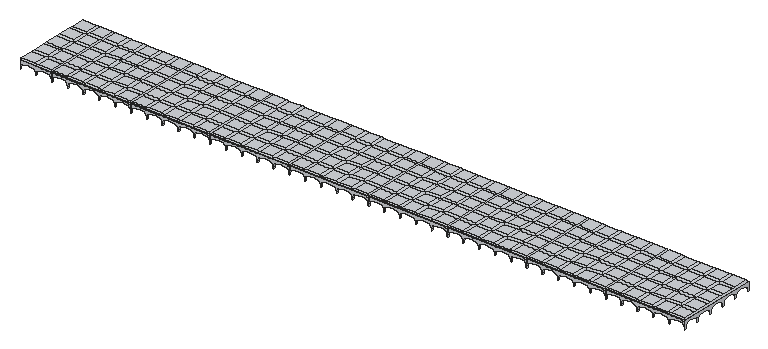
Revit family "LineaSingola_Assieme Modulblock H6", category Modelli generici, Revit 2016
Family settings
  Tipo di parte = Normale
  Può ospitare armatura = No
  Quota connettore circolare = Usa diametro
  Basato su piano di lavoro = No
  Sempre verticale = Sì
  Taglio con vuoti quando caricato = No
  Condiviso = Sì
  Punto di calcolo locali = No
Parameters (values of type "MODULO H6")
  Visibilità_taglio_oriz [instance] = if(Da_tagliare_larghezza = L_modulo, 1 > 2, 1 < 2)  # yes
  Scritta_MODULO [instance] = yes
  Prof_solo_moduli [instance] = 4000 mm
  N_moduli_Larghezza [instance] = rounddown(Larghezza_Area / L_modulo)  # 8
  Mezzo_modulo [instance] = L_modulo / 2  # 250 mm
  Mezza_larghezza [instance] = Larghezza_Area / 2  # 2100 mm
  Larghezza_Area [instance] = 4200 mm
  L_solo_moduli [instance] = L_modulo * N_moduli_Larghezza  # 4000 mm
  L_modulo = 500 mm  # constant formula
  Da_tagliare_larghezza [instance] = L_modulo - (Larghezza_Area - L_solo_moduli)  # 300 mm
Reference planes
  plane 1 "Centro (Fronte/Retro)": y = 0
  plane 2: z = 0
  plane 3 "Centro (Sinistra/Destra)": x = 0
  plane 4: y = -1900
  plane 5: x = -1900
  plane 6: y = 250
  plane 7: x = 2100
  plane 8: x = 1850
  plane 9: x = 1600
  plane 10: x = 1350
  plane 11: x = -2100
  plane 12: y = -250
Dimensions and locks
  "L_solo_moduli": plane 5 to plane 7
  "Mezzo_modulo": plane 8 to plane 7
  "L_modulo": plane 9 to plane 7
  "L_modulo": plane 10 to plane 8
  "Mezza_larghezza": plane 3 "Centro (Sinistra/Destra)" to plane 7
  "Larghezza_Area": plane 11 to plane 7
  equal spacing: plane 6, plane 1 "Centro (Fronte/Retro)", plane 12
  "L_modulo": plane 6 to plane 12
  equal spacing: group 10, group 9, group 8, group 7, group 6, group 5, group 4, group 3
  equal spacing: group 3, group 4, group 5, group 6, group 7, group 8, group 9, group 10  (x2)
  aligned and locked: level to plane 2
  aligned and locked: nested 1 to plane 8
  aligned and locked: plane 1 "Centro (Fronte/Retro)" to nested 1
  aligned and locked: plane 1 "Centro (Fronte/Retro)" to nested 4
  aligned and locked: nested 4 to plane 10
  aligned and locked: nested 11 to plane 1 "Centro (Fronte/Retro)"
  aligned and locked: plane 5 to nested 11
Nested families
  nested 1: "Minimodulo_H6" at (1850, 0, 0), Scritta_MODULO <- "Scritta_MODULO", type "Minimodulo_H3"
    with Ultimo_modulo_profondita no, Ultimo_modulo_larghezza no, Taglio_profondita 0 mm, Taglio_larghezza 0 mm, Scritta_MODULO yes, Scanso_prof_4 0 mm, Scanso_prof_3 0 mm, Scanso_prof_2 0 mm, Scanso_prof_1 0 mm, Scanso_largh_4 0 mm, Scanso_largh_3 0 mm, Scanso_largh_2 0 mm, Scanso_largh_1 0 mm, L_simbolo_profondita 500 mm, L_simbolo_larghezza 500 mm, Finale no, Da_tagliare_profondita 150 mm, Da_tagliare_larghezza 260 mm, Classico yes
  nested 2: "Minimodulo_H6" at (-1750, -1750, 0), type "Minimodulo_H3", not visible
    with Ultimo_modulo_profondita no, Ultimo_modulo_larghezza no, Taglio_profondita 0 mm, Taglio_larghezza 0 mm, Scritta_MODULO no, Scanso_prof_4 0 mm, Scanso_prof_3 0 mm, Scanso_prof_2 0 mm, Scanso_prof_1 0 mm, Scanso_largh_4 0 mm, Scanso_largh_3 0 mm, Scanso_largh_2 0 mm, Scanso_largh_1 0 mm, L_simbolo_profondita 500 mm, L_simbolo_larghezza 500 mm, Finale yes, Da_tagliare_profondita 150 mm, Da_tagliare_larghezza 260 mm, Classico no
  nested 3: "Minimodulo_H6" at (1850, 1850, 0), type "Minimodulo_H3", not visible
    with Ultimo_modulo_profondita no, Ultimo_modulo_larghezza no, Taglio_profondita 0 mm, Taglio_larghezza 0 mm, Scritta_MODULO no, Scanso_prof_4 0 mm, Scanso_prof_3 0 mm, Scanso_prof_2 0 mm, Scanso_prof_1 0 mm, Scanso_largh_4 0 mm, Scanso_largh_3 0 mm, Scanso_largh_2 0 mm, Scanso_largh_1 0 mm, L_simbolo_profondita 500 mm, L_simbolo_larghezza 500 mm, Finale yes, Da_tagliare_profondita 150 mm, Da_tagliare_larghezza 260 mm, Classico no
  nested 4: "Minimodulo_H6" at (1350, 0, 0), Scritta_MODULO <- "Scritta_MODULO", type "Minimodulo_H3"
    with Ultimo_modulo_profondita no, Ultimo_modulo_larghezza no, Taglio_profondita 0 mm, Taglio_larghezza 0 mm, Scritta_MODULO yes, Scanso_prof_4 0 mm, Scanso_prof_3 0 mm, Scanso_prof_2 0 mm, Scanso_prof_1 0 mm, Scanso_largh_4 0 mm, Scanso_largh_3 0 mm, Scanso_largh_2 0 mm, Scanso_largh_1 0 mm, L_simbolo_profondita 500 mm, L_simbolo_larghezza 500 mm, Finale no, Da_tagliare_profondita 150 mm, Da_tagliare_larghezza 260 mm, Classico yes
  nested 5: "Minimodulo_H6" at (850, 0, 0), Scritta_MODULO <- "Scritta_MODULO", type "Minimodulo_H3"
    with Ultimo_modulo_profondita no, Ultimo_modulo_larghezza no, Taglio_profondita 0 mm, Taglio_larghezza 0 mm, Scritta_MODULO yes, Scanso_prof_4 0 mm, Scanso_prof_3 0 mm, Scanso_prof_2 0 mm, Scanso_prof_1 0 mm, Scanso_largh_4 0 mm, Scanso_largh_3 0 mm, Scanso_largh_2 0 mm, Scanso_largh_1 0 mm, L_simbolo_profondita 500 mm, L_simbolo_larghezza 500 mm, Finale no, Da_tagliare_profondita 150 mm, Da_tagliare_larghezza 260 mm, Classico yes
  nested 6: "Minimodulo_H6" at (350, 0, 0), Scritta_MODULO <- "Scritta_MODULO", type "Minimodulo_H3"
    with Ultimo_modulo_profondita no, Ultimo_modulo_larghezza no, Taglio_profondita 0 mm, Taglio_larghezza 0 mm, Scritta_MODULO yes, Scanso_prof_4 0 mm, Scanso_prof_3 0 mm, Scanso_prof_2 0 mm, Scanso_prof_1 0 mm, Scanso_largh_4 0 mm, Scanso_largh_3 0 mm, Scanso_largh_2 0 mm, Scanso_largh_1 0 mm, L_simbolo_profondita 500 mm, L_simbolo_larghezza 500 mm, Finale no, Da_tagliare_profondita 150 mm, Da_tagliare_larghezza 260 mm, Classico yes
  nested 7: "Minimodulo_H6" at (-150, 0, 0), Scritta_MODULO <- "Scritta_MODULO", type "Minimodulo_H3"
    with Ultimo_modulo_profondita no, Ultimo_modulo_larghezza no, Taglio_profondita 0 mm, Taglio_larghezza 0 mm, Scritta_MODULO yes, Scanso_prof_4 0 mm, Scanso_prof_3 0 mm, Scanso_prof_2 0 mm, Scanso_prof_1 0 mm, Scanso_largh_4 0 mm, Scanso_largh_3 0 mm, Scanso_largh_2 0 mm, Scanso_largh_1 0 mm, L_simbolo_profondita 500 mm, L_simbolo_larghezza 500 mm, Finale no, Da_tagliare_profondita 150 mm, Da_tagliare_larghezza 260 mm, Classico yes
  nested 8: "Minimodulo_H6" at (-650, 0, 0), Scritta_MODULO <- "Scritta_MODULO", type "Minimodulo_H3"
    with Ultimo_modulo_profondita no, Ultimo_modulo_larghezza no, Taglio_profondita 0 mm, Taglio_larghezza 0 mm, Scritta_MODULO yes, Scanso_prof_4 0 mm, Scanso_prof_3 0 mm, Scanso_prof_2 0 mm, Scanso_prof_1 0 mm, Scanso_largh_4 0 mm, Scanso_largh_3 0 mm, Scanso_largh_2 0 mm, Scanso_largh_1 0 mm, L_simbolo_profondita 500 mm, L_simbolo_larghezza 500 mm, Finale no, Da_tagliare_profondita 150 mm, Da_tagliare_larghezza 260 mm, Classico yes
  nested 9: "Minimodulo_H6" at (-1150, 0, 0), Scritta_MODULO <- "Scritta_MODULO", type "Minimodulo_H3"
    with Ultimo_modulo_profondita no, Ultimo_modulo_larghezza no, Taglio_profondita 0 mm, Taglio_larghezza 0 mm, Scritta_MODULO yes, Scanso_prof_4 0 mm, Scanso_prof_3 0 mm, Scanso_prof_2 0 mm, Scanso_prof_1 0 mm, Scanso_largh_4 0 mm, Scanso_largh_3 0 mm, Scanso_largh_2 0 mm, Scanso_largh_1 0 mm, L_simbolo_profondita 500 mm, L_simbolo_larghezza 500 mm, Finale no, Da_tagliare_profondita 150 mm, Da_tagliare_larghezza 260 mm, Classico yes
  nested 10: "Minimodulo_H6" at (-1650, 0, 0), Scritta_MODULO <- "Scritta_MODULO", type "Minimodulo_H3"
    with Ultimo_modulo_profondita no, Ultimo_modulo_larghezza no, Taglio_profondita 0 mm, Taglio_larghezza 0 mm, Scritta_MODULO yes, Scanso_prof_4 0 mm, Scanso_prof_3 0 mm, Scanso_prof_2 0 mm, Scanso_prof_1 0 mm, Scanso_largh_4 0 mm, Scanso_largh_3 0 mm, Scanso_largh_2 0 mm, Scanso_largh_1 0 mm, L_simbolo_profondita 500 mm, L_simbolo_larghezza 500 mm, Finale no, Da_tagliare_profondita 150 mm, Da_tagliare_larghezza 260 mm, Classico yes
  nested 11: "Minimodulo_H6" at (-2150, 0, 0), Da_tagliare_larghezza <- "Da_tagliare_larghezza", type "Minimodulo_H3"
    with Ultimo_modulo_profondita no, Ultimo_modulo_larghezza yes, Taglio_profondita 0 mm, Taglio_larghezza 300 mm, Scritta_MODULO no, Scanso_prof_4 0 mm, Scanso_prof_3 0 mm, Scanso_prof_2 0 mm, Scanso_prof_1 0 mm, Scanso_largh_4 0 mm, Scanso_largh_3 100 mm, Scanso_largh_2 0 mm, Scanso_largh_1 0 mm, L_simbolo_profondita 500 mm, L_simbolo_larghezza 200 mm, Finale yes, Da_tagliare_profondita 150 mm, Da_tagliare_larghezza 300 mm, Classico no
Definition of nested family "Minimodulo_H6"
  Parameters (values of type "Minimodulo_H6")
    Ultimo_modulo_profondita [instance] = no
    Ultimo_modulo_larghezza [instance] = no
    Taglio_profondita [instance] = if(and(Ultimo_modulo_profondita, Da_tagliare_profondita < L_modulo), Da_tagliare_profondita, 0 mm)  # 0 mm
    Taglio_larghezza [instance] = if(and(Ultimo_modulo_larghezza, Da_tagliare_larghezza < L_modulo), Da_tagliare_larghezza, 0 mm)  # 0 mm
    Scritta_MODULO [instance] = no
    Scanso_prof_4 [instance] = if(Taglio_profondita = 400 mm, 100 mm, 0 mm)  # 0 mm
    Scanso_prof_3 [instance] = if(Taglio_profondita = 300 mm, 100 mm, 0 mm)  # 0 mm
    Scanso_prof_2 [instance] = if(Taglio_profondita = 200 mm, 100 mm, 0 mm)  # 0 mm
    Scanso_prof_1 [instance] = if(Taglio_profondita = 100 mm, 100 mm, 0 mm)  # 0 mm
    Scanso_largh_4 [instance] = if(Taglio_larghezza = 400 mm, 100 mm, 0 mm)  # 0 mm
    Scanso_largh_3 [instance] = if(Taglio_larghezza = 300 mm, 100 mm, 0 mm)  # 0 mm
    Scanso_largh_2 [instance] = if(Taglio_larghezza = 200 mm, 100 mm, 0 mm)  # 0 mm
    Scanso_largh_1 [instance] = if(Taglio_larghezza = 100 mm, 100 mm, 0 mm)  # 0 mm
    Peso = 0.95 kg
    L_simbolo_profondita [instance] = L_modulo - Taglio_profondita  # 500 mm
    L_simbolo_larghezza [instance] = L_modulo - Taglio_larghezza  # 500 mm
    L_modulo = 500 mm  # constant formula
    L2_imballo = 102 mm
    L1_imballo = 120 mm
    H_modulo = 60 mm  # constant formula
    H_imballo = 220 mm
    Finale [instance] = not(Classico)  # yes
    Descrizione_listino = ""
    Da_tagliare_profondita [instance] = 200 mm
    Da_tagliare_larghezza [instance] = 200 mm
    Consumo_CLS = 0.009 m³
    Codice = "EMODULO5006"  # constant formula
    Classico [instance] = if(or(Ultimo_modulo_larghezza, Ultimo_modulo_profondita, not(Scritta_MODULO)), 1 > 2, 1 < 2)  # no
  Reference planes
    plane 1 "Centro (Fronte/Retro)": y = 0
    plane 2: z = 0
    plane 3 "Centro (Sinistra/Destra)": x = 0
    plane 4: x = -250
    plane 5: x = 250
    plane 6: y = 250
    plane 7: y = -250
    plane 8: z = 60
    plane 9: x = -150
    plane 10: x = -50
    plane 11: x = 50
    plane 12: x = 150
    plane 13: y = 50
    plane 14: y = 150
    plane 15: y = -50
    plane 16: y = -150
    plane 17: x = -200
    plane 18: x = -100
    plane 19: x = 100
    plane 20: x = 200
    plane 21: y = 200
    plane 22: y = 100
    plane 23: y = -100
    plane 24: y = -200
    plane 25: x = -750
    plane 26: x = -250
    plane 27: y = -250
    plane 28: y = -750
    plane 29: z = 60
    plane 30: z = 60
    plane 31: z = 60
    plane 32: z = 60
    plane 33: z = 60
    plane 34: z = 60
    plane 35: z = 60
    plane 36: z = 60
  Forms (mm)
    Extrusion 1, solid, detail levels medium+fine
      sketch origin (0, 0, 0) x (1, 0, 0) y (0, 1, 0)
        loop
          line (-250, 250) -> (-250, -250) -> (250, -250) -> (250, 250) -> (-250, 250)
      from 0 to 60
    Sweep 2, void
      path origin (0, 0, 0) x (1, 0, 0) y (0, 1, 0)
        loop
          line (-250, 250) -> (-250, -250) -> (250, -250) -> (250, 250) -> (-250, 250)
      profile origin (0, 250, 0) x (0, 1, 0) y (0, 0, 1)
        loop
          line (0, 50) -> (0, 60) -> (-7.5, 60) -> (-3.078, 51.833)
          arc (-3.078, 51.833) -> (-1.791, 50.493) -> (0, 50) r 3.5
    Extrusion 3, void
      sketch origin (-28.333, 0, 0) x (1, 0, 0) y (0, 0, 1)
        loop
          arc (-133.667, 60) -> (-121.667, 57) -> (-109.667, 60) r 25.5
          line (-109.667, 60) -> (-133.667, 60)
      from -250 to 250
    Extrusion 4, void
      sketch origin (0, 0, 0) x (1, 0, 0) y (0, 0, 1)
        loop
          line (-247, 0) -> (-153, 0) -> (-153, 12)
          arc (-153, 12) -> (-156.251, 23.236) -> (-165, 31) r 21.042
          arc (-165, 31) -> (-200, 36) -> (-235, 31) r 125
          arc (-235, 31) -> (-243.749, 23.236) -> (-247, 12) r 21.042
          line (-247, 12) -> (-247, 0)
      from -250 to 250
    Extrusion 5, void
      sketch origin (71.667, 0, 0) x (1, 0, 0) y (0, 0, 1)
        loop
          arc (-133.667, 60) -> (-121.667, 57) -> (-109.667, 60) r 25.5
          line (-109.667, 60) -> (-133.667, 60)
      from -250 to 250
    Extrusion 6, void
      sketch origin (171.667, 0, 0) x (1, 0, 0) y (0, 0, 1)
        loop
          arc (-133.667, 60) -> (-121.667, 57) -> (-109.667, 60) r 25.5
          line (-109.667, 60) -> (-133.667, 60)
      from -250 to 250
    Extrusion 7, void
      sketch origin (271.667, 0, 0) x (1, 0, 0) y (0, 0, 1)
        loop
          arc (-133.667, 60) -> (-121.667, 57) -> (-109.667, 60) r 25.5
          line (-109.667, 60) -> (-133.667, 60)
      from -250 to 250
    Extrusion 8, void
      sketch origin (162.233, -271.667, 0) x (0, -1, 0) y (0, 0, 1)
        loop
          arc (-133.667, 60) -> (-121.667, 57) -> (-109.667, 60) r 25.5
          line (-109.667, 60) -> (-133.667, 60)
      from -87.767 to 412.233
    Extrusion 9, void
      sketch origin (162.233, -171.667, 0) x (0, -1, 0) y (0, 0, 1)
        loop
          arc (-133.667, 60) -> (-121.667, 57) -> (-109.667, 60) r 25.5
          line (-109.667, 60) -> (-133.667, 60)
      from -87.767 to 412.233
    Extrusion 10, void
      sketch origin (162.233, -71.667, 0) x (0, -1, 0) y (0, 0, 1)
        loop
          arc (-133.667, 60) -> (-121.667, 57) -> (-109.667, 60) r 25.5
          line (-109.667, 60) -> (-133.667, 60)
      from -87.767 to 412.233
    Extrusion 11, void
      sketch origin (162.233, 28.333, 0) x (0, -1, 0) y (0, 0, 1)
        loop
          arc (-133.667, 60) -> (-121.667, 57) -> (-109.667, 60) r 25.5
          line (-109.667, 60) -> (-133.667, 60)
      from -87.767 to 412.233
    Extrusion 12, void
      sketch origin (100, 0, 0) x (1, 0, 0) y (0, 0, 1)
        loop
          line (-247, 0) -> (-153, 0) -> (-153, 12)
          arc (-153, 12) -> (-156.251, 23.236) -> (-165, 31) r 21.042
          arc (-165, 31) -> (-200, 36) -> (-235, 31) r 125
          arc (-235, 31) -> (-243.749, 23.236) -> (-247, 12) r 21.042
          line (-247, 12) -> (-247, 0)
      from -250 to 250
    Extrusion 13, void
      sketch origin (200, 0, 0) x (1, 0, 0) y (0, 0, 1)
        loop
          line (-247, 0) -> (-153, 0) -> (-153, 12)
          arc (-153, 12) -> (-156.251, 23.236) -> (-165, 31) r 21.042
          arc (-165, 31) -> (-200, 36) -> (-235, 31) r 125
          arc (-235, 31) -> (-243.749, 23.236) -> (-247, 12) r 21.042
          line (-247, 12) -> (-247, 0)
      from -250 to 250
    Extrusion 14, void
      sketch origin (300, 0, 0) x (1, 0, 0) y (0, 0, 1)
        loop
          line (-247, 0) -> (-153, 0) -> (-153, 12)
          arc (-153, 12) -> (-156.251, 23.236) -> (-165, 31) r 21.042
          arc (-165, 31) -> (-200, 36) -> (-235, 31) r 125
          arc (-235, 31) -> (-243.749, 23.236) -> (-247, 12) r 21.042
          line (-247, 12) -> (-247, 0)
      from -250 to 250
    Extrusion 15, void
      sketch origin (400, 0, 0) x (1, 0, 0) y (0, 0, 1)
        loop
          line (-247, 0) -> (-153, 0) -> (-153, 12)
          arc (-153, 12) -> (-156.251, 23.236) -> (-165, 31) r 21.042
          arc (-165, 31) -> (-200, 36) -> (-235, 31) r 125
          arc (-235, 31) -> (-243.749, 23.236) -> (-247, 12) r 21.042
          line (-247, 12) -> (-247, 0)
      from -250 to 250
    Extrusion 16, void
      sketch origin (340, 0, 0) x (0, -1, 0) y (0, 0, 1)
        loop
          line (-247, 0) -> (-153, 0) -> (-153, 12)
          arc (-153, 12) -> (-156.251, 23.236) -> (-165, 31) r 21.042
          arc (-165, 31) -> (-200, 36) -> (-235, 31) r 125
          arc (-235, 31) -> (-243.749, 23.236) -> (-247, 12) r 21.042
          line (-247, 12) -> (-247, 0)
      from 90 to 590
    Extrusion 17, void
      sketch origin (340, -100, 0) x (0, -1, 0) y (0, 0, 1)
        loop
          line (-247, 0) -> (-153, 0) -> (-153, 12)
          arc (-153, 12) -> (-156.251, 23.236) -> (-165, 31) r 21.042
          arc (-165, 31) -> (-200, 36) -> (-235, 31) r 125
          arc (-235, 31) -> (-243.749, 23.236) -> (-247, 12) r 21.042
          line (-247, 12) -> (-247, 0)
      from 90 to 590
    Extrusion 18, void
      sketch origin (340, -200, 0) x (0, -1, 0) y (0, 0, 1)
        loop
          line (-247, 0) -> (-153, 0) -> (-153, 12)
          arc (-153, 12) -> (-156.251, 23.236) -> (-165, 31) r 21.042
          arc (-165, 31) -> (-200, 36) -> (-235, 31) r 125
          arc (-235, 31) -> (-243.749, 23.236) -> (-247, 12) r 21.042
          line (-247, 12) -> (-247, 0)
      from 90 to 590
    Extrusion 19, void
      sketch origin (340, -300, 0) x (0, -1, 0) y (0, 0, 1)
        loop
          line (-247, 0) -> (-153, 0) -> (-153, 12)
          arc (-153, 12) -> (-156.251, 23.236) -> (-165, 31) r 21.042
          arc (-165, 31) -> (-200, 36) -> (-235, 31) r 125
          arc (-235, 31) -> (-243.749, 23.236) -> (-247, 12) r 21.042
          line (-247, 12) -> (-247, 0)
      from 90 to 590
    Extrusion 20, void
      sketch origin (340, -400, 0) x (0, -1, 0) y (0, 0, 1)
        loop
          line (-247, 0) -> (-153, 0) -> (-153, 12)
          arc (-153, 12) -> (-156.251, 23.236) -> (-165, 31) r 21.042
          arc (-165, 31) -> (-200, 36) -> (-235, 31) r 125
          arc (-235, 31) -> (-243.749, 23.236) -> (-247, 12) r 21.042
          line (-247, 12) -> (-247, 0)
      from 90 to 590
    Extrusion 21, void
      sketch origin (0, 0, 0) x (1, 0, 0) y (0, 1, 0)
        loop
          line (-250, -250) -> (-250, -750) -> (250, -750) -> (250, -250) -> (-250, -250)
      from 0 to 60
    Extrusion 22, void
      sketch origin (0, 0, 0) x (1, 0, 0) y (0, 1, 0)
        loop
          line (-750, 250) -> (-750, -250) -> (-250, -250) -> (-250, 250) -> (-750, 250)
      from 0 to 60
    Extrusion 23, void, not visible
      sketch origin (-28.333, 0, 7.5) x (1, 0, 0) y (0, 0, 1)
        loop
          arc (-133.667, 60) -> (-121.667, 57) -> (-109.667, 60) r 25.5
          line (-109.667, 60) -> (-133.667, 60)
      from -250 to 250
    Extrusion 24, void, not visible
      sketch origin (71.667, 0, 8.75) x (1, 0, 0) y (0, 0, 1)
        loop
          arc (-133.667, 60) -> (-121.667, 57) -> (-109.667, 60) r 25.5
          line (-109.667, 60) -> (-133.667, 60)
      from -250 to 250
    Extrusion 25, void, not visible
      sketch origin (171.667, 0, 0) x (1, 0, 0) y (0, 0, 1)
        loop
          arc (-133.667, 60) -> (-121.667, 57) -> (-109.667, 60) r 25.5
          line (-109.667, 60) -> (-133.667, 60)
      from -250 to 250
    Extrusion 26, void, not visible
      sketch origin (271.667, 0, 0) x (1, 0, 0) y (0, 0, 1)
        loop
          arc (-133.667, 60) -> (-121.667, 57) -> (-109.667, 60) r 25.5
          line (-109.667, 60) -> (-133.667, 60)
      from -250 to 250
    Extrusion 27, void, not visible
      sketch origin (162.233, -271.667, 0) x (0, -1, 0) y (0, 0, 1)
        loop
          arc (-133.667, 60) -> (-121.667, 57) -> (-109.667, 60) r 25.5
          line (-109.667, 60) -> (-133.667, 60)
      from -87.767 to 412.233
    Extrusion 28, void, not visible
      sketch origin (162.233, -171.667, 0) x (0, -1, 0) y (0, 0, 1)
        loop
          arc (-133.667, 60) -> (-121.667, 57) -> (-109.667, 60) r 25.5
          line (-109.667, 60) -> (-133.667, 60)
      from -87.767 to 412.233
    Extrusion 29, void, not visible
      sketch origin (162.233, -71.667, 0) x (0, -1, 0) y (0, 0, 1)
        loop
          arc (-133.667, 60) -> (-121.667, 57) -> (-109.667, 60) r 25.5
          line (-109.667, 60) -> (-133.667, 60)
      from -87.767 to 412.233
    Extrusion 30, void, not visible
      sketch origin (162.233, 28.333, 0) x (0, -1, 0) y (0, 0, 1)
        loop
          arc (-133.667, 60) -> (-121.667, 57) -> (-109.667, 60) r 25.5
          line (-109.667, 60) -> (-133.667, 60)
      from -87.767 to 412.233
    Extrusion 31, solid, detail levels coarse
      sketch origin (0, 0, 0) x (1, 0, 0) y (0, 1, 0)
        loop
          line (-250, 250) -> (-250, -250) -> (250, -250) -> (250, 250) -> (-250, 250)
      from 0 to 60
  Cuts and joins
    Sweep 2, Extrusion 3, Extrusion 4, Extrusion 5, Extrusion 6, Extrusion 7, Extrusion 8, Extrusion 9, Extrusion 10, Extrusion 11, Extrusion 12, Extrusion 13, Extrusion 14, Extrusion 15, Extrusion 16, Extrusion 17, Extrusion 18, Extrusion 19, Extrusion 20, Extrusion 21, Extrusion 22 cuts Extrusion 1
    Extrusion 21, Extrusion 22 cuts Extrusion 31
  Dimensions and locks
    equal spacing: plane 6, plane 1 "Centro (Fronte/Retro)", plane 7
    equal spacing: plane 4, plane 3 "Centro (Sinistra/Destra)", plane 5
    "L_modulo": plane 4 to plane 5
    "L_modulo": plane 6 to plane 7
    "H_modulo": plane 8 to level
    equal spacing: plane 4, plane 9, plane 10, plane 11, plane 12, plane 5
    equal spacing: plane 6, plane 14, plane 13, plane 15, plane 16, plane 7
    equal spacing: plane 6, plane 21, plane 14
    equal spacing: plane 14, plane 22, plane 13
    equal spacing: plane 13, plane 1 "Centro (Fronte/Retro)", plane 15
    equal spacing: plane 15, plane 23, plane 16
    equal spacing: plane 16, plane 24, plane 7
    equal spacing: plane 4, plane 17, plane 9
    equal spacing: plane 9, plane 18, plane 10
    equal spacing: plane 10, plane 3 "Centro (Sinistra/Destra)", plane 11
    equal spacing: plane 11, plane 19, plane 12
    equal spacing: plane 12, plane 20, plane 5
    "L_modulo": plane 27 to plane 28
    "L_modulo": plane 25 to plane 26
    "Taglio_larghezza": plane 4 to plane 26
    "Taglio_profondita": plane 27 to plane 7
    "Scanso_largh_1": plane 29 to plane 8
    "Scanso_largh_2": plane 30 to plane 8
    "Scanso_largh_3": plane 31 to plane 8
    "Scanso_largh_4": plane 32 to plane 8
    "Scanso_prof_1": plane 33 to plane 32
    "Scanso_prof_2": plane 34 to plane 32
    "Scanso_prof_3": plane 35 to plane 32
    "Scanso_prof_4": plane 36 to plane 32
    aligned and locked: level to plane 2
    aligned and locked: Extrusion 1 sketch curve to plane 6
    aligned and locked: plane 4 to Extrusion 1 sketch curve
    aligned and locked: plane 7 to Extrusion 1 sketch curve
    aligned and locked: Extrusion 1 sketch curve to plane 5
    aligned and locked: plane 8 to Extrusion 1
    aligned and locked: Extrusion 1 to level
    aligned and locked: Sweep 2 sketch curve to plane 6
    aligned and locked: Sweep 2 sketch curve to plane 5
    aligned and locked: plane 7 to Sweep 2 sketch curve
    aligned and locked: plane 4 to Sweep 2 sketch curve
    aligned and locked: Sweep 2 sketch curve to plane 8
    aligned and locked: plane 6 to Sweep 2 sketch curve
    aligned and locked: Extrusion 4 to plane 7
    aligned and locked: plane 6 to Extrusion 4
    aligned and locked: Extrusion 8 to plane 4
    aligned and locked: plane 5 to Extrusion 8
    aligned and locked: Extrusion 21 to plane 28
    aligned and locked: plane 27 to Extrusion 21
    aligned and locked: plane 5 to Extrusion 21
    aligned and locked: Extrusion 21 to plane 4
    aligned and locked: Extrusion 21 to level
    aligned and locked: plane 8 to Extrusion 21
    aligned and locked: Extrusion 22 sketch curve to plane 6
    aligned and locked: plane 7 to Extrusion 22 sketch curve
    aligned and locked: plane 26 to Extrusion 22
    aligned and locked: Extrusion 22 to plane 25
    aligned and locked: Extrusion 22 to level
    aligned and locked: plane 29 to Extrusion 3
    aligned and locked: plane 30 to Extrusion 5
    aligned and locked: plane 31 to Extrusion 6
    aligned and locked: Extrusion 7 to plane 32
    aligned and locked: plane 33 to Extrusion 8
    aligned and locked: plane 34 to Extrusion 9
    aligned and locked: plane 35 to Extrusion 10
    aligned and locked: plane 36 to Extrusion 11
    aligned and locked: plane 36 to Extrusion 22
    aligned and locked: plane 3 "Centro (Sinistra/Destra)" to nested 2
    aligned and locked: plane 1 "Centro (Fronte/Retro)" to nested 2
    aligned and locked: nested 3 to plane 6
    aligned and locked: nested 3 to plane 5
    aligned and locked: plane 3 "Centro (Sinistra/Destra)" to nested 1
    aligned and locked: nested 1 to plane 16
    aligned and locked: Extrusion 31 to level
    aligned and locked: plane 32 to Extrusion 31
    aligned and locked: Extrusion 31 to plane 4
    aligned and locked: plane 5 to Extrusion 31
    aligned and locked: Extrusion 31 to plane 7
    aligned and locked: plane 6 to Extrusion 31
    aligned and locked: plane 3 "Centro (Sinistra/Destra)" to nested 4
    aligned and locked: plane 1 "Centro (Fronte/Retro)" to nested 4
    aligned and locked: plane 3 "Centro (Sinistra/Destra)" to nested 6
    aligned and locked: plane 3 "Centro (Sinistra/Destra)" to nested 5
    aligned and locked: nested 5 to level
    aligned and locked: nested 6 to plane 36
    aligned and locked: nested 8 to plane 1 "Centro (Fronte/Retro)"
    aligned and locked: nested 7 to plane 1 "Centro (Fronte/Retro)"
    aligned and locked: nested 7 to plane 32
    aligned and locked: nested 8 to level
  Automatic sketch dimensions
    profile plane to Sweep 2 sketch curve = 7.5 mm
    Sweep 2 sketch curve to Sweep 2 sketch curve = 6.5 mm
    Sweep 2 sketch curve to Sweep 2 sketch curve = 3.5 mm
    profile plane to Sweep 2 sketch curve = 3.078 mm
    Sweep 2 sketch curve to Sweep 2 sketch curve = 0 mm
    Extrusion 4 sketch curve to level = 0 mm
    Extrusion 4 sketch curve to plane 17 = 0 mm
    level to Extrusion 4 sketch curve = 12 mm  (x2)
    plane 4 to Extrusion 4 sketch curve = 24.042 mm
    plane 4 to Extrusion 4 sketch curve = 3 mm
    Extrusion 4 sketch curve to plane 9 = 24.042 mm
    Extrusion 4 sketch curve to plane 9 = 3 mm
    Extrusion 4 sketch curve to level = 89 mm
    plane 4 to Extrusion 4 sketch curve = 15 mm
    Extrusion 12 sketch curve to level = 0 mm
    Extrusion 12 sketch curve to plane 18 = 0 mm
    level to Extrusion 12 sketch curve = 12 mm  (x2)
    plane 9 to Extrusion 12 sketch curve = 24.042 mm
    plane 9 to Extrusion 12 sketch curve = 3 mm
    Extrusion 12 sketch curve to plane 10 = 24.042 mm
    Extrusion 12 sketch curve to plane 10 = 3 mm
    Extrusion 12 sketch curve to level = 89 mm
    plane 9 to Extrusion 12 sketch curve = 15 mm
    Extrusion 13 sketch curve to level = 0 mm
    Extrusion 13 sketch curve to plane 3 "Centro (Sinistra/Destra)" = 0 mm
    level to Extrusion 13 sketch curve = 12 mm  (x2)
    plane 10 to Extrusion 13 sketch curve = 24.042 mm
    plane 10 to Extrusion 13 sketch curve = 3 mm
    Extrusion 13 sketch curve to plane 11 = 24.042 mm
    Extrusion 13 sketch curve to plane 11 = 3 mm
    Extrusion 13 sketch curve to level = 89 mm
    plane 10 to Extrusion 13 sketch curve = 15 mm
    Extrusion 14 sketch curve to level = 0 mm
    Extrusion 14 sketch curve to plane 19 = 0 mm
    level to Extrusion 14 sketch curve = 12 mm  (x2)
    plane 11 to Extrusion 14 sketch curve = 24.042 mm
    plane 11 to Extrusion 14 sketch curve = 3 mm
    Extrusion 14 sketch curve to plane 12 = 24.042 mm
    Extrusion 14 sketch curve to plane 12 = 3 mm
    Extrusion 14 sketch curve to level = 89 mm
    plane 11 to Extrusion 14 sketch curve = 15 mm
    Extrusion 15 sketch curve to level = 0 mm
    Extrusion 15 sketch curve to plane 20 = 0 mm
    level to Extrusion 15 sketch curve = 12 mm  (x2)
    plane 12 to Extrusion 15 sketch curve = 24.042 mm
    plane 12 to Extrusion 15 sketch curve = 3 mm
    Extrusion 15 sketch curve to plane 5 = 24.042 mm
    Extrusion 15 sketch curve to plane 5 = 3 mm
    Extrusion 15 sketch curve to level = 89 mm
    plane 12 to Extrusion 15 sketch curve = 15 mm
    Extrusion 16 sketch curve to level = 0 mm
    Extrusion 16 sketch curve to plane 21 = 0 mm
    level to Extrusion 16 sketch curve = 12 mm  (x2)
    Extrusion 16 sketch curve to plane 6 = 24.042 mm
    Extrusion 16 sketch curve to plane 6 = 3 mm
    plane 14 to Extrusion 16 sketch curve = 24.042 mm
    plane 14 to Extrusion 16 sketch curve = 3 mm
    Extrusion 16 sketch curve to level = 89 mm
    Extrusion 16 sketch curve to plane 6 = 15 mm
    Extrusion 17 sketch curve to level = 0 mm
    Extrusion 17 sketch curve to plane 22 = 0 mm
    level to Extrusion 17 sketch curve = 12 mm  (x2)
    Extrusion 17 sketch curve to plane 14 = 24.042 mm
    Extrusion 17 sketch curve to plane 14 = 3 mm
    plane 13 to Extrusion 17 sketch curve = 24.042 mm
    plane 13 to Extrusion 17 sketch curve = 3 mm
    Extrusion 17 sketch curve to level = 89 mm
    Extrusion 17 sketch curve to plane 14 = 15 mm
    Extrusion 18 sketch curve to level = 0 mm
    Extrusion 18 sketch curve to plane 1 "Centro (Fronte/Retro)" = 0 mm
    level to Extrusion 18 sketch curve = 12 mm  (x2)
    Extrusion 18 sketch curve to plane 13 = 24.042 mm
    Extrusion 18 sketch curve to plane 13 = 3 mm
    plane 15 to Extrusion 18 sketch curve = 24.042 mm
    plane 15 to Extrusion 18 sketch curve = 3 mm
    Extrusion 18 sketch curve to level = 89 mm
    Extrusion 18 sketch curve to plane 13 = 15 mm
    Extrusion 19 sketch curve to level = 0 mm
    Extrusion 19 sketch curve to plane 23 = 0 mm
    level to Extrusion 19 sketch curve = 12 mm  (x2)
    Extrusion 19 sketch curve to plane 15 = 24.042 mm
    Extrusion 19 sketch curve to plane 15 = 3 mm
    plane 16 to Extrusion 19 sketch curve = 24.042 mm
    plane 16 to Extrusion 19 sketch curve = 3 mm
    Extrusion 19 sketch curve to level = 89 mm
    Extrusion 19 sketch curve to plane 15 = 15 mm
    Extrusion 20 sketch curve to level = 0 mm
    Extrusion 20 sketch curve to plane 24 = 0 mm
    level to Extrusion 20 sketch curve = 12 mm  (x2)
    Extrusion 20 sketch curve to plane 16 = 24.042 mm
    Extrusion 20 sketch curve to plane 16 = 3 mm
    plane 7 to Extrusion 20 sketch curve = 24.042 mm
    plane 7 to Extrusion 20 sketch curve = 3 mm
    Extrusion 20 sketch curve to level = 89 mm
    Extrusion 20 sketch curve to plane 16 = 15 mm
    Extrusion 21 sketch curve to plane 4 = 0 mm
    plane 5 to Extrusion 21 sketch curve = 0 mm
    plane 28 to Extrusion 21 sketch curve = 0 mm
    plane 7 to Extrusion 21 sketch curve = 0 mm
    plane 25 to Extrusion 22 sketch curve = 0 mm
    plane 4 to Extrusion 22 sketch curve = 0 mm
    Extrusion 3 sketch curve to Extrusion 3 sketch curve = 12 mm
    Extrusion 3 sketch curve to Extrusion 3 sketch curve = 22.5 mm
    Extrusion 23 sketch curve to Extrusion 23 sketch curve = 12 mm
    Extrusion 23 sketch curve to Extrusion 23 sketch curve = 22.5 mm
    Extrusion 5 sketch curve to Extrusion 5 sketch curve = 12 mm
    Extrusion 5 sketch curve to Extrusion 5 sketch curve = 22.5 mm
    Extrusion 24 sketch curve to Extrusion 24 sketch curve = 12 mm
    Extrusion 24 sketch curve to Extrusion 24 sketch curve = 22.5 mm
    Extrusion 6 sketch curve to Extrusion 6 sketch curve = 12 mm
    Extrusion 6 sketch curve to Extrusion 6 sketch curve = 22.5 mm
    Extrusion 25 sketch curve to Extrusion 25 sketch curve = 12 mm
    Extrusion 25 sketch curve to Extrusion 25 sketch curve = 22.5 mm
    Extrusion 7 sketch curve to Extrusion 7 sketch curve = 12 mm
    Extrusion 7 sketch curve to Extrusion 7 sketch curve = 22.5 mm
    Extrusion 26 sketch curve to Extrusion 26 sketch curve = 12 mm
    Extrusion 26 sketch curve to Extrusion 26 sketch curve = 22.5 mm
    Extrusion 8 sketch curve to Extrusion 8 sketch curve = 12 mm
    Extrusion 8 sketch curve to Extrusion 8 sketch curve = 22.5 mm
    Extrusion 27 sketch curve to Extrusion 27 sketch curve = 12 mm
    Extrusion 27 sketch curve to Extrusion 27 sketch curve = 22.5 mm
    Extrusion 9 sketch curve to Extrusion 9 sketch curve = 12 mm
    Extrusion 9 sketch curve to Extrusion 9 sketch curve = 22.5 mm
    Extrusion 28 sketch curve to Extrusion 28 sketch curve = 12 mm
    Extrusion 28 sketch curve to Extrusion 28 sketch curve = 22.5 mm
    Extrusion 10 sketch curve to Extrusion 10 sketch curve = 12 mm
    Extrusion 10 sketch curve to Extrusion 10 sketch curve = 22.5 mm
    Extrusion 29 sketch curve to Extrusion 29 sketch curve = 12 mm
    Extrusion 29 sketch curve to Extrusion 29 sketch curve = 22.5 mm
    Extrusion 11 sketch curve to Extrusion 11 sketch curve = 12 mm
    Extrusion 11 sketch curve to Extrusion 11 sketch curve = 22.5 mm
    Extrusion 30 sketch curve to Extrusion 30 sketch curve = 12 mm
    Extrusion 30 sketch curve to Extrusion 30 sketch curve = 22.5 mm
    Extrusion 31 sketch curve to plane 9 = 100 mm
    plane 12 to Extrusion 31 sketch curve = 100 mm
    Extrusion 31 sketch curve to plane 6 = 500 mm
    Extrusion 31 sketch curve to Extrusion 31 sketch curve = 500 mm
  Nested families
    nested 1: "Annotazione_Testo_Modulo" at (0, -150, 0), visible <- "Classico", type "H 6", detail levels coarse
    nested 2: "Dettaglio_basso_pianta" at (0, 0, 0), visible <- "Classico", type "Dettaglio_basso_pianta"
    nested 3: "Dettaglio_basso_pianta_finali" at (0, 0, 0), visible <- "Finale", Larghezza <- "L_simbolo_larghezza", Profondita <- "L_simbolo_profondita", type "Dettaglio_basso_pianta_finali", detail levels coarse
      with Profondita 500 mm, Larghezza 500 mm
    nested 4: "Pianta H6" at (0, 0, 0), Ultimo_modulo_larghezza <- "Ultimo_modulo_larghezza", Ultimo_modulo_profondita <- "Ultimo_modulo_profondita", Da_tagliare_larghezza <- "Da_tagliare_larghezza", Da_tagliare_profondita <- "Da_tagliare_profondita", visible <- "Classico", type "Pianta H6", detail levels medium+fine
      with Ultimo_modulo_profondita no, Ultimo_modulo_larghezza no, Taglio_profondita 0 mm, Taglio_larghezza 0 mm, Da_tagliare_profondita 200 mm, Da_tagliare_larghezza 200 mm
    nested 5: "Modulblock H6" at (0, 0, 0) x (1, 0, 0) z (0, -1, 0), type "Modulblock H6", detail levels medium+fine
    nested 6: "Dettaglio Basso modulblock H6" at (0, 0, 60) x (1, 0, 0) z (0, -1, 0), type "EMODULO - MODULO H6", detail levels coarse
    nested 7: "Dettaglio Basso modulblock H6" at (0, 0, 60) x (0, 1, 0) z (1, 0, 0), type "EMODULO - MODULO H6", detail levels coarse
    nested 8: "Modulblock H6" at (0, 0, 0) x (0, 1, 0) z (1, 0, 0), type "Modulblock H6", detail levels medium+fine
  Definition of nested family "Annotazione_Testo_Modulo"
    Parameters (values of type "H3")
      Descrizione_etichetta = "Modulo H3"
    Types (19, lengths in mm): name | Descrizione_etichetta
      (no name) | "Modulo H3"
      H 13 | "Modulo H13"
      H 15 | "Modulo H15"
      H 17 | "Modulo H17"
      H 20 | "Modulo H20"
      H 25 | "Modulo H25"
      H 27 | "Modulo H27"
      H 30 | "Modulo H30"
      H 35 | "Modulo H35"
      H 40 | "Modulo H40"
      H3 | "Modulo H3"
      H 6 | "Modulo H6"
      H 9 | "Modulo H9"
      H 45 | "Modulo H45"
      H 50 | "Modulo H50"
      H 55 | "Modulo H55"
      H 60 | "Modulo H60"
      H 65 | "Modulo H65"
      H 70 | "Modulo H70"
    Reference planes
      plane 1: y = 0
      plane 2: x = 0
    Text (mm)
      label "Descrizione_etichetta" at (0, -1.213, 0), shows "Descrizione_etichetta"
  Definition of nested family "Dettaglio_basso_pianta"
    Parameters (values of type "Dettaglio_basso_pianta")
      L_modulo = 500 mm
    Reference planes
      plane 1 "Centro (Fronte/Retro)": y = 0
      plane 2: z = 0
      plane 3 "Centro (Sinistra/Destra)": x = 0
      plane 4: x = -250
      plane 5: x = 250
      plane 6: y = 250
      plane 7: y = -250
      plane 8: y = 150
      plane 9: y = -150
      plane 10: x = -150
      plane 11: x = 150
    Lines and regions (mm)
      detail lines, in view "Livello rif."
        curve 1: line (-250, 250, 0) -> (250, 250, 0)
        curve 2: line (-250, -250, 0) -> (-250, 250, 0)
        curve 3: line (250, -250, 0) -> (-250, -250, 0)
        curve 4: line (250, 250, 0) -> (250, -250, 0)
        curve 5: line (-150, 150, 0) -> (150, -150, 0)
        curve 6: line (150, 150, 0) -> (-150, -150, 0)
    Text (mm)
      text "Modulo H13" at (-108.715, -113.258, 0), in view "Livello rif."
    Dimensions and locks
      equal spacing: plane 6, plane 1 "Centro (Fronte/Retro)", plane 7
      equal spacing: plane 4, plane 3 "Centro (Sinistra/Destra)", plane 5
      "L_modulo": plane 6 to plane 7
      "L_modulo": plane 4 to plane 5
      locked: plane 6 to plane 8 at 100
      locked: plane 9 to plane 7 at 100
      locked: plane 11 to plane 5 at 100
      locked: plane 4 to plane 10 at 100
      aligned and locked: curve 1 to plane 6
      aligned and locked: plane 4 to curve 2
      aligned and locked: plane 7 to curve 3
      aligned and locked: curve 4 to plane 5
      aligned and locked: plane 9 to curve 6
      aligned and locked: plane 10 to curve 6
      aligned and locked: plane 10 to curve 5
      aligned and locked: plane 8 to curve 5
      aligned and locked: plane 8 to curve 6
      aligned and locked: plane 11 to curve 6
      aligned and locked: plane 11 to curve 5
      aligned and locked: plane 9 to curve 5
  Definition of nested family "Dettaglio_basso_pianta_finali"
    Parameters (values of type "Dettaglio_basso_pianta_finali")
      Profondita [instance] = 500 mm
      Larghezza [instance] = 500 mm
    Reference planes
      plane 1 "Centro (Fronte/Retro)": y = 0
      plane 2: z = 0
      plane 3 "Centro (Sinistra/Destra)": x = 0
      plane 4: x = -250
      plane 5: x = 250
      plane 6: y = 250
      plane 7: y = -250
    Lines and regions (mm)
      detail lines, in view "Livello rif."
        curve 1: line (-250, 250, 0) -> (250, 250, 0)
        curve 2: line (-250, -250, 0) -> (-250, 250, 0)
        curve 3: line (250, -250, 0) -> (-250, -250, 0)
        curve 4: line (250, 250, 0) -> (250, -250, 0)
    Text (mm)
      text "Modulo H13" at (-108.715, -113.258, 0), in view "Livello rif."
    Dimensions and locks
      equal spacing: plane 6, plane 1 "Centro (Fronte/Retro)", plane 7
      equal spacing: plane 4, plane 3 "Centro (Sinistra/Destra)", plane 5
      "Profondita": plane 6 to plane 7
      "Larghezza": plane 4 to plane 5
      aligned and locked: curve 1 to plane 6
      aligned and locked: plane 4 to curve 2
      aligned and locked: plane 7 to curve 3
      aligned and locked: curve 4 to plane 5
  Definition of nested family "Pianta H6"
    Parameters (values of type "Pianta H6")
      Ultimo_modulo_profondita [instance] = yes
      Ultimo_modulo_larghezza [instance] = yes
      Taglio_profondita [instance] = if(Ultimo_modulo_profondita, Da_tagliare_profondita, 0 mm)  # 150 mm
      Taglio_larghezza [instance] = if(Ultimo_modulo_larghezza, Da_tagliare_larghezza, 0 mm)  # 150 mm
      L_modulo = 500 mm  # constant formula
      Da_tagliare_profondita [instance] = 150 mm
      Da_tagliare_larghezza [instance] = 150 mm
    Reference planes
      plane 1 "Centro (Fronte/Retro)": y = 0
      plane 2: z = 0
      plane 3 "Centro (Sinistra/Destra)": x = 0
      plane 4: x = -250
      plane 5: x = 250
      plane 6: y = 250
      plane 7: y = -250
      plane 8: x = -600
      plane 9: x = -100
      plane 10: y = -100
      plane 11: y = -600
      plane 12: y = 255
      plane 13: y = -255
      plane 14: x = -255
      plane 15: x = 255
    Lines and regions (mm)
      Masking region 1, in view "Livello rif."
        outline origin (0, 0, 0) x (1, 0, 0) y (0, 1, 0)
          loop
            line (-600, 255) -> (-600, -255) -> (-100, -255) -> (-100, 255) -> (-600, 255)
      Masking region 2, in view "Livello rif."
        outline origin (489.413, -500.412, 0) x (1, 0, 0) y (0, 1, 0)
          loop
            line (-744.413, 400.412) -> (-744.413, -99.588) -> (-234.413, -99.588) -> (-234.413, 400.412) -> (-744.413, 400.412)
      detail lines, in view "Livello rif."
        curve 1: line (-237.756, 250, 0) -> (-250, 250, 0)
        curve 2: line (-250, 250, 0) -> (-250, 237.521, 0)
        curve 3: line (-250, 237.521, 0) -> (-250, -237.521, 0)
        curve 4: line (-250, -237.521, 0) -> (-250, -250, 0)
        curve 5: line (-250, -250, 0) -> (-237.756, -250, 0)
        curve 6: line (-237.756, -250, 0) -> (237.756, -250, 0)
        curve 7: line (237.756, -250, 0) -> (250, -250, 0)
        curve 8: line (250, -250, 0) -> (250, -237.521, 0)
        curve 9: line (250, -237.521, 0) -> (250, 237.521, 0)
        curve 10: line (250, 237.521, 0) -> (250, 250, 0)
        curve 11: line (250, 250, 0) -> (237.756, 250, 0)
        curve 12: line (237.756, 250, 0) -> (-237.756, 250, 0)
        curve 13: arc (-213.164, -244.7, 0) -> (-199.99, -247.398, 0) -> (-186.823, -244.669, 0) r 33.32
        curve 14: arc (-186.793, -156.114, 0) -> (-199.94, -153.392, 0) -> (-213.094, -156.08, 0) r 33.32
        curve 15: arc (-243.883, -186.793, 0) -> (-246.606, -199.992, 0) -> (-243.878, -213.19, 0) r 33.32
        curve 16: arc (-237.756, -250, 0) -> (-241.419, -241.348, 0) -> (-250, -237.521, 0) r 12.813
        curve 17: arc (-222.31, -224.407, 0) -> (-222.426, -222.552, 0) -> (-224.28, -222.426, 0) r 1.408
        curve 18: arc (-250, -162.479, 0) -> (-241.419, -158.652, 0) -> (-237.756, -150, 0) r 12.813
        curve 19: arc (-224.28, -177.642, 0) -> (-222.426, -177.517, 0) -> (-222.31, -175.662, 0) r 1.408
        curve 20: arc (-155.3, -213.164, 0) -> (-152.601, -199.989, 0) -> (-155.33, -186.821, 0) r 33.32
        curve 21: arc (-150, -237.521, 0) -> (-158.656, -241.215, 0) -> (-162.033, -250, 0) r 12.077
        curve 22: arc (-175.746, -222.426, 0) -> (-177.601, -222.552, 0) -> (-177.716, -224.407, 0) r 1.408
        curve 23: arc (-162.244, -150, 0) -> (-158.581, -158.652, 0) -> (-150, -162.479, 0) r 12.813
        curve 24: arc (-177.716, -175.662, 0) -> (-177.601, -177.517, 0) -> (-175.746, -177.642, 0) r 1.408
        curve 25: arc (-213.164, -144.7, 0) -> (-199.99, -147.398, 0) -> (-186.823, -144.669, 0) r 33.32
        curve 26: arc (-186.793, -56.114, 0) -> (-199.94, -53.392, 0) -> (-213.094, -56.08, 0) r 33.32
        curve 27: arc (-243.883, -86.793, 0) -> (-246.606, -99.992, 0) -> (-243.878, -113.19, 0) r 33.32
        curve 28: arc (-237.756, -150, 0) -> (-241.419, -141.348, 0) -> (-250, -137.521, 0) r 12.813
        curve 29: arc (-222.31, -124.407, 0) -> (-222.426, -122.552, 0) -> (-224.28, -122.426, 0) r 1.408
        curve 30: arc (-250, -62.479, 0) -> (-241.419, -58.652, 0) -> (-237.756, -50, 0) r 12.813
        curve 31: arc (-224.28, -77.642, 0) -> (-222.426, -77.517, 0) -> (-222.31, -75.662, 0) r 1.408
        curve 32: arc (-155.3, -113.164, 0) -> (-152.601, -99.989, 0) -> (-155.33, -86.821, 0) r 33.32
        curve 33: arc (-150, -137.521, 0) -> (-158.656, -141.215, 0) -> (-162.033, -150, 0) r 12.077
        curve 34: arc (-175.746, -122.426, 0) -> (-177.601, -122.552, 0) -> (-177.716, -124.407, 0) r 1.408
        curve 35: arc (-162.244, -50, 0) -> (-158.581, -58.652, 0) -> (-150, -62.479, 0) r 12.813
        curve 36: arc (-177.716, -75.662, 0) -> (-177.601, -77.517, 0) -> (-175.746, -77.642, 0) r 1.408
        curve 37: arc (-213.164, -44.7, 0) -> (-199.99, -47.398, 0) -> (-186.823, -44.669, 0) r 33.32
        curve 38: arc (-186.793, 43.886, 0) -> (-199.94, 46.608, 0) -> (-213.094, 43.92, 0) r 33.32
        curve 39: arc (-243.883, 13.207, 0) -> (-246.606, 0.008, 0) -> (-243.878, -13.19, 0) r 33.32
        curve 40: arc (-237.756, -50, 0) -> (-241.419, -41.348, 0) -> (-250, -37.521, 0) r 12.813
        curve 41: arc (-222.31, -24.407, 0) -> (-222.426, -22.552, 0) -> (-224.28, -22.426, 0) r 1.408
        curve 42: arc (-250, 37.521, 0) -> (-241.419, 41.348, 0) -> (-237.756, 50, 0) r 12.813
        curve 43: arc (-224.28, 22.358, 0) -> (-222.426, 22.483, 0) -> (-222.31, 24.338, 0) r 1.408
        curve 44: arc (-155.3, -13.164, 0) -> (-152.601, 0.011, 0) -> (-155.33, 13.179, 0) r 33.32
        curve 45: arc (-150, -37.521, 0) -> (-158.656, -41.215, 0) -> (-162.033, -50, 0) r 12.077
        curve 46: arc (-175.746, -22.426, 0) -> (-177.601, -22.552, 0) -> (-177.716, -24.407, 0) r 1.408
        curve 47: arc (-162.244, 50, 0) -> (-158.581, 41.348, 0) -> (-150, 37.521, 0) r 12.813
        curve 48: arc (-177.716, 24.338, 0) -> (-177.601, 22.483, 0) -> (-175.746, 22.358, 0) r 1.408
        curve 49: arc (-213.164, 55.3, 0) -> (-199.99, 52.602, 0) -> (-186.823, 55.331, 0) r 33.32
        curve 50: arc (-186.793, 143.886, 0) -> (-199.94, 146.608, 0) -> (-213.094, 143.92, 0) r 33.32
        curve 51: arc (-243.883, 113.207, 0) -> (-246.606, 100.008, 0) -> (-243.878, 86.81, 0) r 33.32
        curve 52: arc (-237.756, 50, 0) -> (-241.419, 58.652, 0) -> (-250, 62.479, 0) r 12.813
        curve 53: arc (-222.31, 75.593, 0) -> (-222.426, 77.448, 0) -> (-224.28, 77.574, 0) r 1.408
        curve 54: arc (-250, 137.521, 0) -> (-241.419, 141.348, 0) -> (-237.756, 150, 0) r 12.813
        curve 55: arc (-224.28, 122.358, 0) -> (-222.426, 122.483, 0) -> (-222.31, 124.338, 0) r 1.408
        curve 56: arc (-155.3, 86.836, 0) -> (-152.601, 100.011, 0) -> (-155.33, 113.179, 0) r 33.32
        curve 57: arc (-150, 62.479, 0) -> (-158.656, 58.785, 0) -> (-162.033, 50, 0) r 12.077
        curve 58: arc (-175.746, 77.574, 0) -> (-177.601, 77.448, 0) -> (-177.716, 75.593, 0) r 1.408
        curve 59: arc (-162.244, 150, 0) -> (-158.581, 141.348, 0) -> (-150, 137.521, 0) r 12.813
        curve 60: arc (-177.716, 124.338, 0) -> (-177.601, 122.483, 0) -> (-175.746, 122.358, 0) r 1.408
        curve 61: arc (-186.823, 244.669, 0) -> (-199.99, 247.398, 0) -> (-213.164, 244.7, 0) r 33.32
        curve 62: arc (-213.094, 156.08, 0) -> (-199.94, 153.392, 0) -> (-186.793, 156.114, 0) r 33.32
        curve 63: arc (-243.878, 213.19, 0) -> (-246.606, 199.992, 0) -> (-243.883, 186.793, 0) r 33.32
        curve 64: arc (-250, 237.521, 0) -> (-241.419, 241.348, 0) -> (-237.756, 250, 0) r 12.813
        curve 65: arc (-224.28, 222.426, 0) -> (-222.426, 222.552, 0) -> (-222.31, 224.407, 0) r 1.408
        curve 66: arc (-237.756, 150, 0) -> (-241.419, 158.652, 0) -> (-250, 162.479, 0) r 12.813
        curve 67: arc (-222.31, 175.662, 0) -> (-222.426, 177.517, 0) -> (-224.28, 177.642, 0) r 1.408
        curve 68: arc (-155.33, 186.821, 0) -> (-152.601, 199.989, 0) -> (-155.3, 213.164, 0) r 33.32
        curve 69: arc (-162.033, 250, 0) -> (-158.656, 241.215, 0) -> (-150, 237.521, 0) r 12.077
        curve 70: arc (-177.716, 224.407, 0) -> (-177.601, 222.552, 0) -> (-175.746, 222.426, 0) r 1.408
        curve 71: arc (-150, 162.479, 0) -> (-158.581, 158.652, 0) -> (-162.244, 150, 0) r 12.813
        curve 72: arc (-175.746, 177.642, 0) -> (-177.601, 177.517, 0) -> (-177.716, 175.662, 0) r 1.408
        curve 73: arc (-113.164, -244.7, 0) -> (-99.99, -247.398, 0) -> (-86.823, -244.669, 0) r 33.32
        curve 74: arc (-86.793, -156.114, 0) -> (-99.94, -153.392, 0) -> (-113.094, -156.08, 0) r 33.32
        curve 75: arc (-143.883, -186.793, 0) -> (-146.606, -199.992, 0) -> (-143.878, -213.19, 0) r 33.32
        curve 76: arc (-137.756, -250, 0) -> (-141.419, -241.348, 0) -> (-150, -237.521, 0) r 12.813
        curve 77: arc (-122.31, -224.407, 0) -> (-122.426, -222.552, 0) -> (-124.28, -222.426, 0) r 1.408
        curve 78: arc (-150, -162.479, 0) -> (-141.419, -158.652, 0) -> (-137.756, -150, 0) r 12.813
        curve 79: arc (-124.28, -177.642, 0) -> (-122.426, -177.517, 0) -> (-122.31, -175.662, 0) r 1.408
        curve 80: arc (-55.3, -213.164, 0) -> (-52.601, -199.989, 0) -> (-55.33, -186.821, 0) r 33.32
        curve 81: arc (-50, -237.521, 0) -> (-58.656, -241.215, 0) -> (-62.033, -250, 0) r 12.077
        curve 82: arc (-75.746, -222.426, 0) -> (-77.601, -222.552, 0) -> (-77.716, -224.407, 0) r 1.408
        curve 83: arc (-62.244, -150, 0) -> (-58.581, -158.652, 0) -> (-50, -162.479, 0) r 12.813
        curve 84: arc (-77.716, -175.662, 0) -> (-77.601, -177.517, 0) -> (-75.746, -177.642, 0) r 1.408
        curve 85: arc (-113.164, -144.7, 0) -> (-99.99, -147.398, 0) -> (-86.823, -144.669, 0) r 33.32
        curve 86: arc (-86.793, -56.114, 0) -> (-99.94, -53.392, 0) -> (-113.094, -56.08, 0) r 33.32
        curve 87: arc (-143.883, -86.793, 0) -> (-146.606, -99.992, 0) -> (-143.878, -113.19, 0) r 33.32
        curve 88: arc (-137.756, -150, 0) -> (-141.419, -141.348, 0) -> (-150, -137.521, 0) r 12.813
        curve 89: arc (-122.31, -124.407, 0) -> (-122.426, -122.552, 0) -> (-124.28, -122.426, 0) r 1.408
        curve 90: arc (-150, -62.479, 0) -> (-141.419, -58.652, 0) -> (-137.756, -50, 0) r 12.813
        curve 91: arc (-124.28, -77.642, 0) -> (-122.426, -77.517, 0) -> (-122.31, -75.662, 0) r 1.408
        curve 92: arc (-55.3, -113.164, 0) -> (-52.601, -99.989, 0) -> (-55.33, -86.821, 0) r 33.32
        curve 93: arc (-50, -137.521, 0) -> (-58.656, -141.215, 0) -> (-62.033, -150, 0) r 12.077
        curve 94: arc (-75.746, -122.426, 0) -> (-77.601, -122.552, 0) -> (-77.716, -124.407, 0) r 1.408
        curve 95: arc (-62.244, -50, 0) -> (-58.581, -58.652, 0) -> (-50, -62.479, 0) r 12.813
        curve 96: arc (-77.716, -75.662, 0) -> (-77.601, -77.517, 0) -> (-75.746, -77.642, 0) r 1.408
        curve 97: arc (-113.164, -44.7, 0) -> (-99.99, -47.398, 0) -> (-86.823, -44.669, 0) r 33.32
        curve 98: arc (-86.793, 43.886, 0) -> (-99.94, 46.608, 0) -> (-113.094, 43.92, 0) r 33.32
        curve 99: arc (-143.883, 13.207, 0) -> (-146.606, 0.008, 0) -> (-143.878, -13.19, 0) r 33.32
        curve 100: arc (-137.756, -50, 0) -> (-141.419, -41.348, 0) -> (-150, -37.521, 0) r 12.813
        curve 101: arc (-122.31, -24.407, 0) -> (-122.426, -22.552, 0) -> (-124.28, -22.426, 0) r 1.408
        curve 102: arc (-150, 37.521, 0) -> (-141.419, 41.348, 0) -> (-137.756, 50, 0) r 12.813
        curve 103: arc (-124.28, 22.358, 0) -> (-122.426, 22.483, 0) -> (-122.31, 24.338, 0) r 1.408
        curve 104: arc (-55.3, -13.164, 0) -> (-52.601, 0.011, 0) -> (-55.33, 13.179, 0) r 33.32
        curve 105: arc (-50, -37.521, 0) -> (-58.656, -41.215, 0) -> (-62.033, -50, 0) r 12.077
        curve 106: arc (-75.746, -22.426, 0) -> (-77.601, -22.552, 0) -> (-77.716, -24.407, 0) r 1.408
        curve 107: arc (-62.244, 50, 0) -> (-58.581, 41.348, 0) -> (-50, 37.521, 0) r 12.813
        curve 108: arc (-77.716, 24.338, 0) -> (-77.601, 22.483, 0) -> (-75.746, 22.358, 0) r 1.408
        curve 109: arc (-113.164, 55.3, 0) -> (-99.99, 52.602, 0) -> (-86.823, 55.331, 0) r 33.32
        curve 110: arc (-86.793, 143.886, 0) -> (-99.94, 146.608, 0) -> (-113.094, 143.92, 0) r 33.32
        curve 111: arc (-143.883, 113.207, 0) -> (-146.606, 100.008, 0) -> (-143.878, 86.81, 0) r 33.32
        curve 112: arc (-137.756, 50, 0) -> (-141.419, 58.652, 0) -> (-150, 62.479, 0) r 12.813
        curve 113: arc (-122.31, 75.593, 0) -> (-122.426, 77.448, 0) -> (-124.28, 77.574, 0) r 1.408
        curve 114: arc (-150, 137.521, 0) -> (-141.419, 141.348, 0) -> (-137.756, 150, 0) r 12.813
        curve 115: arc (-124.28, 122.358, 0) -> (-122.426, 122.483, 0) -> (-122.31, 124.338, 0) r 1.408
        curve 116: arc (-55.3, 86.836, 0) -> (-52.601, 100.011, 0) -> (-55.33, 113.179, 0) r 33.32
        curve 117: arc (-50, 62.479, 0) -> (-58.656, 58.785, 0) -> (-62.033, 50, 0) r 12.077
        curve 118: arc (-75.746, 77.574, 0) -> (-77.601, 77.448, 0) -> (-77.716, 75.593, 0) r 1.408
        curve 119: arc (-62.244, 150, 0) -> (-58.581, 141.348, 0) -> (-50, 137.521, 0) r 12.813
        curve 120: arc (-77.716, 124.338, 0) -> (-77.601, 122.483, 0) -> (-75.746, 122.358, 0) r 1.408
        curve 121: arc (-86.823, 244.669, 0) -> (-99.99, 247.398, 0) -> (-113.164, 244.7, 0) r 33.32
        curve 122: arc (-113.094, 156.08, 0) -> (-99.94, 153.392, 0) -> (-86.793, 156.114, 0) r 33.32
        curve 123: arc (-143.878, 213.19, 0) -> (-146.606, 199.992, 0) -> (-143.883, 186.793, 0) r 33.32
        curve 124: arc (-150, 237.521, 0) -> (-141.419, 241.348, 0) -> (-137.756, 250, 0) r 12.813
        curve 125: arc (-124.28, 222.426, 0) -> (-122.426, 222.552, 0) -> (-122.31, 224.407, 0) r 1.408
        curve 126: arc (-137.756, 150, 0) -> (-141.419, 158.652, 0) -> (-150, 162.479, 0) r 12.813
        curve 127: arc (-122.31, 175.662, 0) -> (-122.426, 177.517, 0) -> (-124.28, 177.642, 0) r 1.408
        curve 128: arc (-55.33, 186.821, 0) -> (-52.601, 199.989, 0) -> (-55.3, 213.164, 0) r 33.32
        curve 129: arc (-62.033, 250, 0) -> (-58.656, 241.215, 0) -> (-50, 237.521, 0) r 12.077
        curve 130: arc (-77.716, 224.407, 0) -> (-77.601, 222.552, 0) -> (-75.746, 222.426, 0) r 1.408
        curve 131: arc (-50, 162.479, 0) -> (-58.581, 158.652, 0) -> (-62.244, 150, 0) r 12.813
        curve 132: arc (-75.746, 177.642, 0) -> (-77.601, 177.517, 0) -> (-77.716, 175.662, 0) r 1.408
        curve 133: arc (-13.164, -244.7, 0) -> (0.01, -247.398, 0) -> (13.177, -244.669, 0) r 33.32
        curve 134: arc (13.207, -156.114, 0) -> (0.06, -153.392, 0) -> (-13.094, -156.08, 0) r 33.32
        curve 135: arc (-43.883, -186.793, 0) -> (-46.606, -199.992, 0) -> (-43.878, -213.19, 0) r 33.32
        curve 136: arc (-37.756, -250, 0) -> (-41.419, -241.348, 0) -> (-50, -237.521, 0) r 12.813
        curve 137: arc (-22.31, -224.407, 0) -> (-22.426, -222.552, 0) -> (-24.28, -222.426, 0) r 1.408
        curve 138: arc (-50, -162.479, 0) -> (-41.419, -158.652, 0) -> (-37.756, -150, 0) r 12.813
        curve 139: arc (-24.28, -177.642, 0) -> (-22.426, -177.517, 0) -> (-22.31, -175.662, 0) r 1.408
        curve 140: arc (44.7, -213.164, 0) -> (47.399, -199.989, 0) -> (44.67, -186.821, 0) r 33.32
        curve 141: arc (50, -237.521, 0) -> (41.344, -241.215, 0) -> (37.967, -250, 0) r 12.077
        curve 142: arc (24.254, -222.426, 0) -> (22.399, -222.552, 0) -> (22.284, -224.407, 0) r 1.408
        curve 143: arc (37.756, -150, 0) -> (41.419, -158.652, 0) -> (50, -162.479, 0) r 12.813
        curve 144: arc (22.284, -175.662, 0) -> (22.399, -177.517, 0) -> (24.254, -177.642, 0) r 1.408
        curve 145: arc (-13.164, -144.7, 0) -> (0.01, -147.398, 0) -> (13.177, -144.669, 0) r 33.32
        curve 146: arc (13.207, -56.114, 0) -> (0.06, -53.392, 0) -> (-13.094, -56.08, 0) r 33.32
        curve 147: arc (-43.883, -86.793, 0) -> (-46.606, -99.992, 0) -> (-43.878, -113.19, 0) r 33.32
        curve 148: arc (-37.756, -150, 0) -> (-41.419, -141.348, 0) -> (-50, -137.521, 0) r 12.813
        curve 149: arc (-22.31, -124.407, 0) -> (-22.426, -122.552, 0) -> (-24.28, -122.426, 0) r 1.408
        curve 150: arc (-50, -62.479, 0) -> (-41.419, -58.652, 0) -> (-37.756, -50, 0) r 12.813
        curve 151: arc (-24.28, -77.642, 0) -> (-22.426, -77.517, 0) -> (-22.31, -75.662, 0) r 1.408
        curve 152: arc (44.7, -113.164, 0) -> (47.399, -99.989, 0) -> (44.67, -86.821, 0) r 33.32
        curve 153: arc (50, -137.521, 0) -> (41.344, -141.215, 0) -> (37.967, -150, 0) r 12.077
        curve 154: arc (24.254, -122.426, 0) -> (22.399, -122.552, 0) -> (22.284, -124.407, 0) r 1.408
        curve 155: arc (37.756, -50, 0) -> (41.419, -58.652, 0) -> (50, -62.479, 0) r 12.813
        curve 156: arc (22.284, -75.662, 0) -> (22.399, -77.517, 0) -> (24.254, -77.642, 0) r 1.408
        curve 157: arc (-13.164, -44.7, 0) -> (0.01, -47.398, 0) -> (13.177, -44.669, 0) r 33.32
        curve 158: arc (13.207, 43.886, 0) -> (0.06, 46.608, 0) -> (-13.094, 43.92, 0) r 33.32
        curve 159: arc (-43.883, 13.207, 0) -> (-46.606, 0.008, 0) -> (-43.878, -13.19, 0) r 33.32
        curve 160: arc (-37.756, -50, 0) -> (-41.419, -41.348, 0) -> (-50, -37.521, 0) r 12.813
        curve 161: arc (-22.31, -24.407, 0) -> (-22.426, -22.552, 0) -> (-24.28, -22.426, 0) r 1.408
        curve 162: arc (-50, 37.521, 0) -> (-41.419, 41.348, 0) -> (-37.756, 50, 0) r 12.813
        curve 163: arc (-24.28, 22.358, 0) -> (-22.426, 22.483, 0) -> (-22.31, 24.338, 0) r 1.408
        curve 164: arc (44.7, -13.164, 0) -> (47.399, 0.011, 0) -> (44.67, 13.179, 0) r 33.32
        curve 165: arc (50, -37.521, 0) -> (41.344, -41.215, 0) -> (37.967, -50, 0) r 12.077
        curve 166: arc (24.254, -22.426, 0) -> (22.399, -22.552, 0) -> (22.284, -24.407, 0) r 1.408
        curve 167: arc (37.756, 50, 0) -> (41.419, 41.348, 0) -> (50, 37.521, 0) r 12.813
        curve 168: arc (22.284, 24.338, 0) -> (22.399, 22.483, 0) -> (24.254, 22.358, 0) r 1.408
        curve 169: arc (-13.164, 55.3, 0) -> (0.01, 52.602, 0) -> (13.177, 55.331, 0) r 33.32
        curve 170: arc (13.207, 143.886, 0) -> (0.06, 146.608, 0) -> (-13.094, 143.92, 0) r 33.32
        curve 171: arc (-43.883, 113.207, 0) -> (-46.606, 100.008, 0) -> (-43.878, 86.81, 0) r 33.32
        curve 172: arc (-37.756, 50, 0) -> (-41.419, 58.652, 0) -> (-50, 62.479, 0) r 12.813
        curve 173: arc (-22.31, 75.593, 0) -> (-22.426, 77.448, 0) -> (-24.28, 77.574, 0) r 1.408
        curve 174: arc (-50, 137.521, 0) -> (-41.419, 141.348, 0) -> (-37.756, 150, 0) r 12.813
        curve 175: arc (-24.28, 122.358, 0) -> (-22.426, 122.483, 0) -> (-22.31, 124.338, 0) r 1.408
